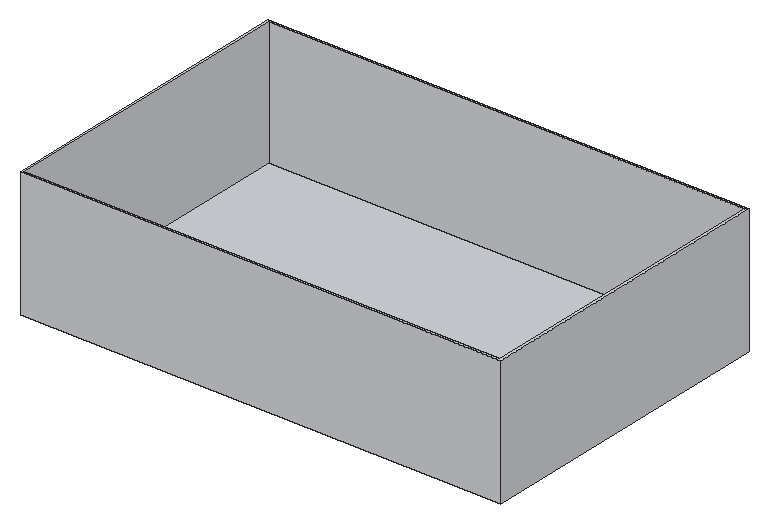
Revit family "Hager-Type B SP&N Distribution Boards-Surface_mounted-IP2XC-Without_Cover-Without_DIN-Hosted-IE-en", category Electrical Equipment, host Face, Revit 2023
Family settings
  Host = Face
  Panel Configuration = Two Columns, Circuits Across
  Round Connector Dimension = Use Diameter
  Part Type = Panelboard
  Cut with Voids When Loaded = No
  Maintain Annotation Orientation = Yes
  Shared = No
  Room Calculation Point = No
Parameters (values of type "Type B SP&N Distribution Boards-Surface_mounted_W465_H300_D124_0_Modular_Spacing-JK201SE")
  Width Control [instance] = if([HG000006-Flush mounted], if([EF000846 - Built-in width] > min_whd, [EF000846 - Built-in width], min_whd), if([EF000008 - Width] > min_whd, ([EF000008 - Width]), min_whd))  # 465 mm
  Void Depth [instance] = if([HG000006-Flush mounted], Depth Control, 1 mm)  # 1 mm
  Uniformat code = "D501001"
  Uniformat = "Low Tension Service & Dist."
  HG000131 - Functional label [instance] = ""
  HG000130 - Functional name [instance] = ""
  HG000099-Onfly Template ID = "507532"
  Type Comments = ""
  System Height [instance] = Height Control - 2 * [HG000005-Thickness]  # 446 mm
  Reference description = ""
  Reference = "Type B SP&N Distribution Boards-Surface_mounted_W465_H300_D124_0_Modular_Spacing-JK201SE"
  Object type = ""
  Name hager = "ADD_Enclosures_EC000214"
  Name BIM&CO = "Electricity"
  Name = "Type B SP&N Distribution Boards-Surface_mounted-IP2XC-Without_Cover-Without_DIN-IE"
  Model = ""
  HGEF002950-Width in number of modular spacings = 0
  HGEF000266-Number of rows = 0
  HG000060-RAL-number = "7035"
  HG000059-Operating voltage [instance] = 230 V
  HG000017-Distance between poles = 18 mm
  HG000016-Door 3D visibility = yes
  HG000015-Clearance visibility = yes
  HG000014-Door on the right = yes
  HG000013-Door on the left = not([HG000014-Door on the right])  # no
  HG000012-Door swing angle = 90.00°
  HG000011-Empty rows from bottom = no
  HG000010-Asymmetric doors = no
  HG000009-Double swing door = no
  HG000008-Number of empty rows = 0
  HG000007-Number of empty columns = 0
  HG000006-Flush mounted = no
  HG000005-Thickness = 2 mm
  HG000004-Manufacturer reference = "JK201SE"
  HG000003-Range = "Type B SP&N Distribution Boards"
  HG000002-With door or cover = no
  HG000001-Number of columns = 0
  GTIN (Global Trade Item Number) = ""
  ETIM class name = "Small distribution board"
  ETIM class code = "EC000214"
  EF015941 - Signal passing door = no
  EF015777 - Neutral terminal block = yes
  EF015776 - Earthing terminal block = yes
  EF009212 - Cover model = ""
  EF006306 - With lock = no
  EF006244 - Transparent cover/door = no
  EF005474 - Degree of protection (IP) = "IP2XC"
  EF004464 - Type of door = ""
  EF004462 - Type of closure = ""
  EF002950 - Width in number of modular spacings = 0
  EF001596 - Housing material = ""
  EF001134 - DIN-rail = no
  EF001131 - Inner depth = 0 mm
  EF001088 - Extension possible = no
  EF001062 - EMC-version = no
  EF000846 - Built-in width = 0 mm
  EF000339 - Type of covering = ""
  EF000332 - Built-in height = 0 mm
  EF000266 - Number of rows = 0
  EF000218 - Built-in depth = 0 mm
  EF000118 - With mounting plate = no
  EF000116 - RAL-number = 7035
  EF000049 - Depth = 124 mm
  EF000040 - Height = 300 mm
  EF000024 - UV resistant = no
  EF000008 - Width = 465 mm
  EF000007 - Colour = ""
  EF000003 - Mounting method = "Surface mounted"
  Creation Date = "12/17/2025 20:14:13"
  Code hager = "ADD-EC000214_EU"
  BIM&CO code = ""
  BC_VARIANT_ID = "1178628"
  BC_OBJECT_VERSION = "#1"  # constant formula
  BC_OBJECT_ID = "513824"  # constant formula
  BC_MODEL_ID = "1554204"  # constant formula
  Arrow Offset [instance] = Depth Control / 8  # 18.75 mm
  Arrow Height [instance] = Depth Control - Arrow Offset  # 131.25 mm
  Host Offset [instance] = if([HG000006-Flush mounted], 0 mm, [EF000049 - Depth])  # 124 mm
  min_whd [instance] = (2 * [HG000005-Thickness]) + 1 mm  # 5 mm
  Manufacturer = "Hager"  # constant formula
  Height Control [instance] = if([HG000006-Flush mounted], if([EF000332 - Built-in height] > min_whd, [EF000332 - Built-in height], min_whd), if([EF000040 - Height] > min_whd, ([EF000040 - Height]), min_whd))  # 300 mm
  Flush Mounted - Door Frame Width [instance] = if(([EF000040 - Height] - [EF000332 - Built-in height]) > 0 mm, if([HG000006-Flush mounted], [EF000040 - Height] - [EF000332 - Built-in height], 0 mm), 0 mm)  # 0 mm
  Depth Control [instance] = if([HG000006-Flush mounted], if([EF000218 - Built-in depth] > 0 mm, [EF000218 - Built-in depth], 1 mm), if([EF000049 - Depth] > 0 mm, ([EF000049 - Depth]), 1 mm))  # 124 mm
  Default Elevation = 0 mm
Reference planes
  plane 1 "Center (Front/Back)": y = 0
  plane 2: z = 0
  plane 3 "Center (Left/Right)": x = 0
  plane 4: z = 124
  plane 5: y = 2
  plane 6: z = 119
  plane 7: y = 150
  plane 8: y = 0
  plane 9: y = 300
  plane 10: z = 0
  plane 11: x = -232.5
  plane 12: x = 232.5
  plane 13: x = 230.5
  plane 14: x = -230.5
  plane 15: y = 298
  plane 16: z = 2
  plane 17: z = 122
  plane 18: z = -1
  plane 19: z = 122
  plane 20 "Annotation H": y = -100
  plane 21 "Annotation V": x = 532.5
Forms (mm)
  Extrusion 1, solid
    sketch origin (-583.045, 0, 1219.2) x (-1, 0, 0) y (0, 0, 1)
      loop
        line (-350.545, -1095.2) -> (-815.545, -1095.2) -> (-815.545, -1219.2) -> (-350.545, -1219.2) -> (-350.545, -1095.2)
    from 0 to 300 <- "Height Control"
  Extrusion 2, void
    sketch origin (-381.607, -4572, 124) x (0, -1, 0) y (-1, 0, 0)
      loop
        line (-4870, -151.107) -> (-4870, -612.107) -> (-4574, -612.107) -> (-4574, -151.107) -> (-4870, -151.107)
    from 0 to 122
  Extrusion 3, void
    sketch origin (0, 0, 0) x (1, 0, 0) y (0, 1, 0)
      loop
        line (-232.5, 0) -> (232.5, 0) -> (232.5, 300) -> (-232.5, 300) -> (-232.5, 0)
    from -1 to 1
  Extrusion 4, solid, detail levels coarse+medium
    sketch origin (-381.607, -4572, 124) x (-1, 0, 0) y (0, -1, 0)
      loop
        line (-151.107, -4870) -> (-151.107, -4574) -> (-612.107, -4574) -> (-612.107, -4870) -> (-151.107, -4870)
    from 0 to -2
Cuts and joins
  Extrusion 2 cuts Extrusion 1
Dimensions and locks
  plane 4 to plane 6 = 5 mm
  "Host Offset": plane 4 to host face
  "Flush Mounted - Door Frame Width": plane 1 "Center (Front/Back)" to plane 8
  "HG000005-Thickness": plane 5 to plane 8
  locked: connector elem to plane 3 "Center (Left/Right)"
  "Height Control": plane 9 to plane 8
  equal spacing: plane 9, plane 7, plane 8
  locked: connector elem to plane 7
  "Depth Control": plane 4 to plane 10
  "HG000005-Thickness": plane 11 to plane 14
  "HG000005-Thickness": plane 12 to plane 13
  equal spacing: plane 11, plane 3 "Center (Left/Right)", plane 12
  "Width Control": plane 11 to plane 12
  "Arrow Offset": nested 4 to plane 10
  "HG000005-Thickness": plane 9 to plane 15
  "HG000005-Thickness": plane 16 to plane 10
  "HG000005-Thickness": plane 4 to plane 17
  "Void Depth": plane 2 to plane 18
  "HG000005-Thickness": plane 4 to plane 19
  locked: plane 20 "Annotation H" to plane 1 "Center (Front/Back)" at 100
  locked: plane 12 to plane 21 "Annotation V" at 300
  aligned and locked: plane 2 to host face
  aligned and locked: level to host face
  aligned and locked: plane 3 "Center (Left/Right)" to nested 2
  aligned and locked: plane 4 to nested 2
  aligned and locked: nested 2 to plane 8
  aligned and locked: nested 1 to plane 6
  aligned and locked: nested 1 to plane 5
  aligned and locked: nested 4 to plane 11
  aligned and locked: nested 3 to plane 4
  aligned and locked: Extrusion 1 sketch curve to plane 12
  aligned and locked: Extrusion 1 sketch curve to plane 11
  aligned and locked: nested 3 to plane 10
  aligned and locked: plane 10 to Extrusion 1 sketch curve
  aligned and locked: Extrusion 2 sketch curve to plane 5
  aligned and locked: Extrusion 2 sketch curve to plane 15
  aligned and locked: Extrusion 2 sketch curve to plane 14
  aligned and locked: Extrusion 2 sketch curve to plane 13
  aligned and locked: plane 11 to Extrusion 3 sketch curve
  aligned and locked: plane 9 to Extrusion 3 sketch curve
  aligned and locked: Extrusion 3 sketch curve to plane 8
  aligned and locked: plane 12 to Extrusion 3 sketch curve
  aligned and locked: nested 3 to plane 12
  aligned and locked: Extrusion 3 to plane 18
  aligned and locked: Extrusion 2 to plane 16
  aligned and locked: Extrusion 1 sketch curve to plane 4
  aligned and locked: Extrusion 4 to plane 17
  aligned and locked: Extrusion 4 sketch curve to plane 15
  aligned and locked: Extrusion 4 sketch curve to plane 13
  aligned and locked: Extrusion 4 sketch curve to plane 14
  aligned and locked: Extrusion 4 sketch curve to plane 5
  aligned and locked: nested 5 to plane 21 "Annotation V"
  aligned and locked: plane 20 "Annotation H" to nested 5
Automatic sketch dimensions
  host sketch curve to host sketch curve = 1469.727 mm
  host sketch curve to host sketch curve = 1434.803 mm
Nested families
  nested 1: "Hager_Enclosure_System" at (0, 2, 119) x (1, 0, 0) z (0, 1, 0), Depth <- "HG000005-Thickness", Height <- "System Height", Border <- "HG000005-Thickness", Flush_Mounted <- "HG000006-Flush mounted", Row_Module_Multiplicator <- "HGEF002950-Width in number of modular spacings", Total_No_Empty_Rows <- "HG000008-Number of empty rows", Total_No_Rows <- "HGEF000266-Number of rows", Empty_Columns <- "HG000007-Number of empty columns", Width_Control <- "Width Control", Empty_Rows_From_Bottom <- "HG000011-Empty rows from bottom", Distance_Between_Poles <- "HG000017-Distance between poles", Rows_Count <- "HGEF000266-Number of rows", Columns_Count <- "HG000001-Number of columns", Built-in_Width <- "EF000846 - Built-in width", Width <- "EF000008 - Width", type "Hager_Enclosure_System", detail levels fine
    with Width_Control 465 mm, Width 465 mm, Total_No_Rows 0, Total_No_Empty_Rows 0, Total_No_Columns 1, System_Width 461 mm, Rows_Count 0, Rows_Column 0, Row_Module_Multiplicator 0, Panel_4 no, Panel_3 no, Panel_2 no, Panel_1 no, No_Panels_Ctrl 1, Hide_Columns yes, Height 446 mm, Flush_Mounted no, Empty_Rows_From_Bottom no, Empty_Rows_Column 0, Empty_Columns 0, Empty column 4 0, Empty column 3 0, Empty column 2 0, Empty column 1 0, Distance_Between_Poles 18 mm, Depth 2 mm, Columns_Count 0, Column_Width 461 mm, Built-in_Width 0 mm, Border 2 mm
  nested 2: "Hager_Enclosure_Door" at (0, 0, 124) x (1, 0, 0) z (0, 1, 0), Border <- "HG000005-Thickness", Door_Right <- "HG000014-Door on the right", Flush_Mounted <- "HG000006-Flush mounted", Door_Left <- "HG000013-Door on the left", 3d_Door <- "HG000016-Door 3D visibility", Angle <- "HG000012-Door swing angle", Assymetrical <- "HG000010-Asymmetric doors", Double <- "HG000009-Double swing door", Clearance <- "HG000015-Clearance visibility", Door <- "HG000002-With door or cover", Height_Ctrl <- "Height Control", Width_Ctrl <- "Width Control", BuiltIn_Depth <- "EF000218 - Built-in depth", Depth <- "EF000049 - Depth", BuiltIn_Width <- "EF000846 - Built-in width", Height <- "EF000040 - Height", BuiltIn_Height <- "EF000332 - Built-in height", Width <- "EF000008 - Width", Transparent <- "EF006244 - Transparent cover/door", type "Hager_Enclosure_Door", detail levels medium+fine
    with min_wh 5 mm, Width_Ctrl 465 mm, Width 465 mm, Transparent_Door_No_Bottom_Border no, Transparent no, Leaf_Width 458 mm, Leaf_Tolerance 1.5 mm, Leaf_Height 293 mm, Leaf_2_Width 458 mm, Leaf_2_Offset 229 mm, Leaf_1_Width 458 mm, Leaf_1_Offset 229 mm, Height_Ctrl 300 mm, Height 300 mm, Frame_Width_Ctrl 465 mm, Frame_Width 465 mm, Frame_Internal_Offset 0 mm, Frame_Height_Ctrl 300 mm, Frame_Height 300 mm, Frame_Depth_Ctrl 1 mm, Frame_Depth 0 mm, Flush_Mounted no, Double_Clearance_Ctrl no, Double no, Door_Right_Ctrl no, Door_Right yes, Door_Left_Ctrl no, Door_Left no, Door no, Depth 124 mm, Clearance_Depth 458 mm, Clearance_Ctrl yes, Clearance yes, BuiltIn_Width 0 mm, BuiltIn_Height 0 mm, BuiltIn_Depth 0 mm, Border 2 mm, Assymetrical no, Angle 90.00°, 3d_Door yes
  nested 3: "Hager_Enclosure_Symbol_Triangle" at (-232.5, 0, 0) x (1, 0, 0) z (0, -1, 0), Depth <- "Depth Control", Width <- "Width Control", type "Hager_Enclosure_Symbol_Triangle"
    with Width_Ctrl 465 mm, Width 465 mm, Depth_Ctrl 124 mm, Depth 124 mm
  nested 4: "Hager_Enclosure_Symbol_Arrow" at (-232.5, 0, 18.75) x (1, 0, 0) z (0, -1, 0), Height <- "Arrow Height", type "Hager_Enclosure_Symbol_Arrow"
    with Width_Inside 9.844 mm, Width 118.125 mm, Height_Ctrl 131.25 mm, Height 131.25 mm
  nested 5: "Hager_Annotation-HG000130" at (532.5, -100, 0) x (-1, 0, 0) z (0, 0, 1), HG000130 - Functional name <- "HG000130 - Functional name", type "Hager_Annotation-HG000130"
    with HG000130 - Functional name ""
Connectors
  electrical at (0, 150, 0)
    settings: on plane 10, index 1, voltage 0 V, apparent load 0 VA, apparent load phase1 0 VA, apparent load phase2 0 VA, apparent load phase3 0 VA, power factor 1, load classification "Other", number of poles 1, system type 30, power factor state 1, is connector primary yes, connector utility no, sub classification motor no, connector description ""
Definition of nested family "Hager_Enclosure_Door"
  Parameters (values of type "Hager_Enclosure_Door")
    min_wh [instance] = (2 * Border) + 1 mm  # 11 mm
    Width_Ctrl [instance] = 400 mm
    Width [instance] = 500 mm
    Transparent_Door_No_Bottom_Border [instance] = no
    Transparent [instance] = yes
    Leaf_Width [instance] = if((Width_Ctrl - 2 * Border - 2 * Leaf_Tolerance) > 0 mm, (Width_Ctrl - 2 * Border - 2 * Leaf_Tolerance), min_wh)  # 387 mm
    Leaf_Tolerance [instance] = 1.5 mm  # constant formula
    Leaf_Height [instance] = if((Height_Ctrl - 2 * Border - 2 * Leaf_Tolerance) > 0 mm, (Height_Ctrl - 2 * Border - 2 * Leaf_Tolerance), min_wh)  # 387 mm
    Leaf_2_Width [instance] = if(and(and(Double, Assymetrical), Door_Left), (Leaf_Width / 3) - (Leaf_Tolerance / 2), if(and(and(Double, Assymetrical), Door_Right), (Leaf_Width / 3) * 2 - (Leaf_Tolerance / 2), if(and(Double, not(Assymetrical)), (Leaf_Width / 2) - Leaf_Tolerance, Leaf_Width)))  # 387 mm
    Leaf_2_Offset [instance] = if(and(Double, Assymetrical), Leaf_2_Width / 2, if(and(Double, not(Assymetrical)), Leaf_Width / 4, Leaf_Width / 2))  # 193.5 mm
    Leaf_1_Width [instance] = if(and(and(Double, Assymetrical), Door_Right), (Leaf_Width / 3) - (Leaf_Tolerance / 2), if(and(and(Double, Assymetrical), Door_Left), (Width / 3) * 2 - (Leaf_Tolerance / 2), if(and(Double, not(Assymetrical)), (Leaf_Width / 2) - Leaf_Tolerance, Leaf_Width)))  # 387 mm
    Leaf_1_Offset [instance] = if(and(Double, Assymetrical), Leaf_1_Width / 2, if(and(Double, not(Assymetrical)), Leaf_Width / 4, Leaf_Width / 2))  # 193.5 mm
    Height_Ctrl [instance] = 400 mm
    Height [instance] = 500 mm
    Frame_Width_Ctrl [instance] = if(Frame_Width > 0 mm, Frame_Width, 1 mm)  # 1 mm
    Frame_Width [instance] = Width - BuiltIn_Width  # 0 mm
    Frame_Internal_Offset [instance] = if(Flush_Mounted, Border, 0 mm)  # 5 mm
    Frame_Height_Ctrl [instance] = if(Frame_Height > 0 mm, Frame_Height, 1 mm)  # 1 mm
    Frame_Height [instance] = Height - BuiltIn_Height  # 0 mm
    Frame_Depth_Ctrl [instance] = if(Frame_Depth > 0 mm, Frame_Depth, 1 mm)  # 1 mm
    Frame_Depth [instance] = if(Depth - BuiltIn_Depth > 0 mm, if(Flush_Mounted, Depth - BuiltIn_Depth, 0 mm), 0 mm)  # 0 mm
    Flush_Mounted [instance] = yes
    Double_Clearance_Ctrl [instance] = and(Double, Clearance)  # no
    Double [instance] = no
    Door_Right_Ctrl [instance] = and(or(Door_Right, Double), Door)  # yes
    Door_Right [instance] = yes
    Door_Left_Ctrl [instance] = and(or(Door_Left, Double), Door)  # no
    Door_Left [instance] = no
    Door [instance] = yes
    Depth [instance] = 500 mm
    Default Elevation = 1219.2 mm
    Clearance_Material = none
    Clearance_Depth [instance] = if(Leaf_1_Width > Leaf_2_Width, Leaf_1_Width, Leaf_2_Width)  # 387 mm
    Clearance_Ctrl [instance] = and(not(Double), Clearance)  # yes
    Clearance [instance] = yes
    BuiltIn_Width [instance] = 500 mm
    BuiltIn_Height [instance] = 500 mm
    BuiltIn_Depth [instance] = 500 mm
    Border [instance] = 5 mm
    Assymetrical [instance] = yes
    Angle [instance] = 30.00°
    3d_Door [instance] = yes
  Reference planes
    plane 1 "Center (Front/Back)": y = 0
    plane 2 "Bottom": z = 0
    plane 3 "Center (Left/Right)": x = 0
    plane 4: z = 400
    plane 5: x = -200
    plane 6: x = 200
    plane 7: z = 395
    plane 8: x = -195
    plane 9: z = 5
    plane 10: x = 195
    plane 11: y = 0
    plane 12: z = 6.5
    plane 13: x = -582
    plane 14: y = -387
    plane 15: x = 582
    plane 16: x = 0
    plane 17: x = 0
    plane 18: x = -193.5
    plane 19: x = 193.5
    plane 20: z = 393.5
  Forms (mm)
    Extrusion 1, solid, visible <- "Flush_Mounted"
      sketch origin (0, 0, 0) x (1, 0, 0) y (0, 0, 1)
        loop
          line (195, 5) -> (195, 395) -> (-195, 395) -> (-195, 5) -> (195, 5)
        loop
          line (-201, 401) -> (-201, -1) -> (201, -1) -> (201, 401) -> (-201, 401)
      from 0 to 1 <- "Frame_Depth_Ctrl"
    Extrusion 2, solid, material <- "Clearance_Material", visible <- "Double_Clearance_Ctrl"
      sketch origin (1200, 0, 0) x (1, 0, 0) y (0, 0, -1)
        loop
          line (-1782, -393.5) -> (-618, -393.5) -> (-618, 0) -> (-1782, 0) -> (-1782, -393.5)
      from 0 to -387
  Dimensions and locks
    equal spacing: plane 5, plane 3 "Center (Left/Right)", plane 6
    "Width_Ctrl": plane 5 to plane 6
    "Border": plane 5 to plane 8
    "Border": plane 6 to plane 10
    "Border": plane 9 to level
    "Border": plane 4 to plane 7
    "Height_Ctrl": plane 4 to level
    "Leaf_Tolerance": plane 12 to plane 9
    "Frame_Depth": plane 11 to plane 1 "Center (Front/Back)"
    "Frame_Width_Ctrl": plane 5 to Extrusion 1 sketch curve
    "Frame_Width_Ctrl": plane 6 to Extrusion 1 sketch curve
    "Frame_Width_Ctrl": Extrusion 1 sketch curve to plane 4
    "Frame_Width_Ctrl": plane 2 "Bottom" to Extrusion 1 sketch curve
    "Leaf_1_Offset": plane 18 to plane 16
    "Leaf_2_Offset": plane 17 to plane 19
    "Leaf_1_Width": plane 13 to plane 8
    "Leaf_2_Width": plane 10 to plane 15
    "Clearance_Depth": plane 14 to plane 1 "Center (Front/Back)"
    "Leaf_Tolerance": plane 8 to plane 18
    "Leaf_Tolerance": plane 19 to plane 10
    "Leaf_Tolerance": plane 7 to plane 20
    "Frame_Internal_Offset": plane 5 to Extrusion 1 sketch curve
    "Frame_Internal_Offset": Extrusion 1 sketch curve to plane 2 "Bottom"
    "Frame_Internal_Offset": plane 6 to Extrusion 1 sketch curve
    "Frame_Internal_Offset": plane 4 to Extrusion 1 sketch curve
    aligned and locked: level to plane 2 "Bottom"
    aligned and locked: nested 1 to plane 16
    aligned and locked: nested 2 to plane 17
    aligned and locked: Extrusion 2 to plane 13
    aligned and locked: plane 15 to Extrusion 2
    aligned and locked: Extrusion 2 to plane 14
    aligned and locked: plane 12 to nested 1
    aligned and locked: nested 2 to plane 12
    aligned and locked: Extrusion 2 to plane 11
    aligned and locked: plane 20 to Extrusion 2
    aligned and locked: nested 2 to plane 11
    aligned and locked: nested 1 to plane 11
  Automatic sketch dimensions
    Extrusion 2 sketch curve to level = 0 mm
    plane 5 to Extrusion 2 sketch curve = 382 mm
    plane 6 to Extrusion 2 sketch curve = 382 mm
    Extrusion 2 sketch curve to plane 4 = 6.5 mm
  Nested families
    nested 1: "Hager_Enclosure_Door_Leaf" at (0, 0, 6.5), Width <- "Leaf_1_Width", visible <- "Door_Left_Ctrl", Leaf_Height <- "Leaf_Height", Angle <- "Angle", Depth <- "Border", 3d_Door <- "3d_Door", Transparent <- "Transparent", Clearance Material <- "Clearance_Material", Clearance <- "Clearance_Ctrl", Transparent_Door_No_Bottom_Border <- "Transparent_Door_No_Bottom_Border", type "Hager_Enclosure_Door_Leaf"
      with Width 387 mm, Transparent_Door_No_Bottom_Border no, Transparent_Door_Border_Bottom_Top 25 mm, Transparent_Door_Border 25 mm, Transparent_Ctrl yes, Transparent yes, Standard no, Leaf_Height 387 mm, Glass_Offset 1 mm, Depth 5 mm, Clearance Material none, Clearance yes, Angle_Ctrl 30.00°, Angle 30.00°, 3d_Door yes
    nested 2: "Hager_Enclosure_Door_Leaf" at (0, 0, 6.5) x (-1, 0, 0) z (0, 0, 1), Width <- "Leaf_2_Width", visible <- "Door_Right_Ctrl", Leaf_Height <- "Leaf_Height", Angle <- "Angle", Depth <- "Border", 3d_Door <- "3d_Door", Transparent <- "Transparent", Clearance Material <- "Clearance_Material", Clearance <- "Clearance_Ctrl", Transparent_Door_No_Bottom_Border <- "Transparent_Door_No_Bottom_Border", type "Hager_Enclosure_Door_Leaf"
      with Width 387 mm, Transparent_Door_No_Bottom_Border no, Transparent_Door_Border_Bottom_Top 25 mm, Transparent_Door_Border 25 mm, Transparent_Ctrl yes, Transparent yes, Standard no, Leaf_Height 387 mm, Glass_Offset 1 mm, Depth 5 mm, Clearance Material none, Clearance yes, Angle_Ctrl 30.00°, Angle 30.00°, 3d_Door yes
  Definition of nested family "Hager_Enclosure_Door_Leaf"
    Parameters (values of type "Hager_Enclosure_Door_Leaf")
      Width [instance] = 2000 mm
      Transparent_Door_No_Bottom_Border [instance] = yes
      Transparent_Door_Border_Bottom_Top [instance] = if(Transparent_Door_No_Bottom_Border, 0.1 mm, Transparent_Door_Border)  # 0.1 mm
      Transparent_Door_Border [instance] = if(Transparent_Door_No_Bottom_Border, (Width * 0.12), 25 mm)  # 240 mm
      Transparent_Ctrl [instance] = and(Transparent, [3d_Door])  # yes
      Transparent [instance] = yes
      Standard [instance] = and(not(Transparent), [3d_Door])  # no
      Leaf_Height [instance] = 2720.336 mm
      Glass_Offset [instance] = if((Depth - 10 mm) / 2 > 0 mm, (Depth - 10 mm) / 2, 1 mm)  # 15 mm
      Glass_Material = none
      Depth [instance] = 40 mm
      Default Elevation = 0 mm
      Clearance Material [instance] = none
      Clearance [instance] = yes
      Angle_Ctrl [instance] = if(Angle > 170.00°, 170.00°, Angle)  # 45.00°
      Angle [instance] = 45.00°
      3d_Door [instance] = yes
    Reference planes
      plane 1 "Center (Front/Back)": y = 0
      plane 2: z = 0
      plane 3 "Center (Left/Right)": x = 0
      plane 4: y = 2000
      plane 5: x = -1000
      plane 6: x = 1000
      plane 7: x = -3000
      plane 8: z = 2720.336
      plane 9: z = 0.1
      plane 10: z = 2720.236
      plane 11: x = 760
      plane 12: x = -760
    Forms (mm)
      Extrusion 1, solid, material <- "Clearance Material", visible <- "Clearance"
        sketch origin (0, 0, 0) x (1, 0, 0) y (0, 0, 1)
          loop
            line (-3000, 2720.336) -> (-3000, 0) -> (1000, 0) -> (1000, 2720.336) -> (-3000, 2720.336)
        from 0 to -2000
      Extrusion 2, solid, visible <- "Standard", detail levels medium+fine
        sketch origin (-1000, 0, 0) x (0.707107, 0.707107, 0) y (-0.707107, 0.707107, 0)
          loop
            line (0, -40) -> (2000, -40) -> (2000, 0) -> (0, 0) -> (0, -40)
        from 0 to 2720.336 <- "Leaf_Height"
      Extrusion 3, solid, visible <- "Transparent_Ctrl", detail levels medium+fine
        sketch origin (-1000, 0, 0) x (0.707107, 0.707107, 0) y (-0.707107, 0.707107, 0)
          loop
            line (0, -40) -> (2000, -40) -> (2000, 0) -> (0, 0) -> (0, -40)
        from 0 to 2720.336 <- "Leaf_Height"
      Extrusion 4, void, detail levels medium+fine
        sketch origin (-1000, 0, 0) x (-0.707107, 0.707107, 0) y (0.707107, 0.707107, 0)
          loop
            line (0, 240) -> (0, 1760) -> (-40, 1760) -> (-40, 240) -> (0, 240)
        from -2720.236 to -0.1
      Extrusion 5, solid, material <- "Glass_Material", visible <- "Transparent_Ctrl", detail levels medium+fine
        sketch origin (-1000, 0, 0) x (0.707107, 0.707107, 0) y (-0.707107, 0.707107, 0)
          loop
            line (240, -15) -> (240, -25) -> (1760, -25) -> (1760, -15) -> (240, -15)
        from 0.1 to 2720.236
    Cuts and joins
      Extrusion 4 cuts Extrusion 3
    Lines and regions (mm)
      symbolic lines
        curve 1: line (1000, 0, 0) -> (-3000, 0, 0)
        curve 2: arc (1000, 0, 0) -> (-1000, 2000, 0) -> (-3000, 0, 0) r 2000
        curve 4: line (-1000, 0, 0) -> (414.214, 1414.214, 0)
      reference lines
        curve 3: line (-1000, 0, 0) -> (414.214, 1414.214, 0)
      symbolic lines, detail levels medium+fine
        curve 5: line (414.214, 1414.214, 0) -> (442.498, 1385.929, 0)
        curve 6: line (442.498, 1385.929, 0) -> (-971.716, -28.284, 0)
        curve 7: line (-971.716, -28.284, 0) -> (-1000, 0, 0)
        curve 8: line (-1000, 0, 2720.336) -> (1000, 0, 2720.336)
        curve 9: line (-1000, 0, 0) -> (-1000, 0, 2720.336)
        curve 10: line (1000, 0, 0) -> (-1000, 0, 0)
        curve 11: line (1000, 0, 2720.336) -> (1000, 0, 0)
      symbolic lines, visible <- "Transparent_Ctrl", detail levels medium+fine
        curve 12: line (-760, 0, 2720.236) -> (760, 0, 2720.236)
        curve 13: line (-760, 0, 0.1) -> (-760, 0, 2720.236)
        curve 14: line (760, 0, 0.1) -> (-760, 0, 0.1)
        curve 15: line (760, 0, 2720.236) -> (760, 0, 0.1)
    Dimensions and locks
      "Width": plane 1 "Center (Front/Back)" to plane 4
      equal spacing: plane 5, plane 3 "Center (Left/Right)", plane 6
      "Width": plane 5 to plane 6
      "Width": plane 7 to plane 5
      "Leaf_Height": plane 8 to level
      "Depth": curve 6 to curve 3
      "Width": curve 5 to curve 3
      "Width": curve 3 to curve 3
      "Transparent_Door_Border": Extrusion 4 sketch curve to curve 7
      "Transparent_Door_Border": Extrusion 4 sketch curve to curve 5
      "Transparent_Door_Border_Bottom_Top": plane 8 to plane 10
      "Transparent_Door_Border_Bottom_Top": plane 9 to level
      "Glass_Offset": Extrusion 5 sketch curve to curve 4
      "Glass_Offset": Extrusion 5 sketch curve to curve 6
      "Transparent_Door_Border": Extrusion 5 sketch curve to curve 5
      "Transparent_Door_Border": Extrusion 5 sketch curve to curve 7
      "Transparent_Door_Border": plane 12 to plane 5
      "Transparent_Door_Border": plane 6 to plane 11
      "Angle_Ctrl": angle plane 1 "Center (Front/Back)" to curve 3
      aligned and locked: level to plane 2
      aligned and locked: Extrusion 1 to curve 1
      aligned and locked: plane 6 to Extrusion 1
      aligned and locked: Extrusion 1 to plane 1 "Center (Front/Back)"
      aligned and locked: plane 4 to Extrusion 1
      aligned and locked: plane 8 to Extrusion 1
      aligned and locked: curve 4 to curve 3
      aligned and locked: Extrusion 2 sketch curve to curve 7
      aligned and locked: Extrusion 2 sketch curve to curve 6
      aligned and locked: Extrusion 2 sketch curve to curve 5
      aligned and locked: Extrusion 2 sketch curve to curve 3
      aligned and locked: curve 7 to Extrusion 3 sketch curve
      aligned and locked: Extrusion 3 sketch curve to curve 4
      aligned and locked: Extrusion 3 sketch curve to curve 6
      aligned and locked: Extrusion 3 sketch curve to curve 5
      aligned and locked: curve 4 to Extrusion 4 sketch curve
      aligned and locked: curve 6 to Extrusion 4 sketch curve
      aligned and locked: Extrusion 4 to plane 9
      aligned and locked: Extrusion 4 to plane 10
      aligned and locked: Extrusion 5 to plane 9
      aligned and locked: Extrusion 5 to plane 10
      aligned and locked: curve 8 to plane 8
      aligned and locked: plane 5 to curve 9
      aligned and locked: plane 2 to curve 10
      aligned and locked: curve 11 to plane 6
      aligned and locked: plane 10 to curve 12
      aligned and locked: plane 12 to curve 13
      aligned and locked: curve 14 to plane 9
      aligned and locked: plane 11 to curve 15
    Automatic sketch dimensions
      plane 1 "Center (Front/Back)" to curve 2 = 0 mm
      curve 2 to plane 5 = 0 mm
      Extrusion 1 sketch curve to level = 0 mm
      Extrusion 1 sketch curve to plane 7 = 0 mm
      Extrusion 1 sketch curve to plane 6 = 0 mm
      Extrusion 1 sketch curve to plane 8 = 0 mm
      plane 1 "Center (Front/Back)" to curve 3 = 0 mm
      curve 3 to plane 5 = 0 mm
      curve 7 to curve 3 = 0 mm
Definition of nested family "Hager_Enclosure_Symbol_Triangle"
  Parameters (values of type "Hager_Enclosure_Symbol_Triangle")
    Width_Ctrl [instance] = if(Width > 1 mm, Width, 1 mm)  # 498 mm
    Width [instance] = 498 mm
    Depth_Ctrl [instance] = if(Depth > 1 mm, Depth, 1 mm)  # 72 mm
    Depth [instance] = 72 mm
  Reference planes
    plane 1 "Centre (avant/arrière)": y = 0
    plane 2: z = 0
    plane 3 "Centre (gauche/droite)": x = 0
  Lines and regions (mm)
    Filled region 1, type "Solid_Black", in view "Niveau de réf."
      outline origin (0, 0, 0) x (1, 0, 0) y (0, 1, 0)
        loop
          line (0, 0) -> (498, 0) -> (498, 72) -> (0, 0)
    reference lines, in view "Niveau de réf."
      curve 1: line (-206.153, 72, 0) -> (1083.258, 72, 0)
      curve 2: line (498, 405.456, 0) -> (498, -517.619, 0)
  Dimensions and locks
    "Depth_Ctrl": plane 1 "Centre (avant/arrière)" to curve 1
    "Width_Ctrl": plane 3 "Centre (gauche/droite)" to curve 2
    aligned and locked: curve 1 to Filled region 1 sketch curve
    aligned and locked: Filled region 1 sketch curve to plane 1 "Centre (avant/arrière)"
    aligned and locked: curve 2 to Filled region 1 sketch curve
    aligned and locked: plane 3 "Centre (gauche/droite)" to Filled region 1 sketch curve
    aligned and locked: plane 1 "Centre (avant/arrière)" to Filled region 1 sketch curve
  Automatic sketch dimensions
    curve 1 to plane 3 "Centre (gauche/droite)" = 206.153 mm
    curve 2 to curve 1 = 585.258 mm
    plane 1 "Centre (avant/arrière)" to curve 2 = 517.619 mm
    curve 2 to plane 1 "Centre (avant/arrière)" = 405.456 mm
Definition of nested family "Hager_Enclosure_Symbol_Arrow"
  Parameters (values of type "Hager_Enclosure_Symbol_Arrow")
    Width_Inside [instance] = if(Width / 12 > 2 mm, Width / 12, 2 mm)  # 4.987 mm
    Width [instance] = if(Height_Ctrl * 0.9 > 2 mm, Height_Ctrl * 0.9, 2 mm)  # 59.85 mm
    Height_Ctrl [instance] = if(Height > 2 mm, Height, 2 mm)  # 66.5 mm
    Height [instance] = 66.5 mm
  Reference planes
    plane 1 "Centre (avant/arrière)": y = 0
    plane 2: z = 0
    plane 3 "Centre (gauche/droite)": x = 0
    plane 4: x = 59.85
    plane 5: y = 28.263
    plane 6: y = 38.238
    plane 7: y = 66.5
    plane 8: x = 29.925
    plane 9: y = 33.25
  Lines and regions (mm)
    Filled region 1, type "Solid_Black", in view "Niveau de réf."
      outline origin (0, 0, 0) x (1, 0, 0) y (0, 1, 0)
        loop
          line (59.85, 66.5) -> (37.929, 52.827) -> (51.846, 41.935) -> (59.85, 66.5)
    detail lines, in view "Niveau de réf."
      curve 1: line (0, 0, 0) -> (29.925, 38.238, 0)
      curve 2: line (29.925, 38.238, 0) -> (29.925, 28.263, 0)
      curve 3: line (29.925, 28.263, 0) -> (59.85, 66.5, 0)
  Dimensions and locks
    "Width": plane 3 "Centre (gauche/droite)" to plane 4
    "Height_Ctrl": plane 7 to plane 1 "Centre (avant/arrière)"
    equal spacing: plane 3 "Centre (gauche/droite)", plane 8, plane 4
    equal spacing: plane 7, plane 9, plane 1 "Centre (avant/arrière)"
    equal spacing: plane 6, plane 9, plane 5
    "Width_Inside": plane 6 to plane 9
    equal spacing: curve 3, Filled region 1 sketch curve, Filled region 1 sketch curve
    angle Filled region 1 sketch curve to curve 3 = 20.00°
    angle curve 3 to Filled region 1 sketch curve = 20.00°
    locked: curve 3 to Filled region 1 sketch curve (angle 90.00°)
  Automatic sketch dimensions
    plane 1 "Centre (avant/arrière)" to curve 1 = 0 mm
    curve 1 to plane 3 "Centre (gauche/droite)" = 0 mm
    curve 2 to plane 6 = 0 mm
    curve 3 to plane 8 = 0 mm
    curve 3 to plane 4 = 0 mm
    curve 2 to plane 5 = 0 mm
    curve 3 to plane 7 = 0 mm
    Filled region 1 sketch curve to plane 4 = 0 mm
    Filled region 1 sketch curve to plane 7 = 0 mm
Definition of nested family "Hager_Annotation-HG000130"
  Parameters (values of type "Hager_Annotation-HG000130")
    HG000130 - Functional name [instance] = ""
  Reference planes
    plane 1: y = 0
    plane 2: x = 0
  Lines and regions (mm)
    detail lines
      curve 1: line (-27.5, 10, 0) -> (27.5, 10, 0)
      curve 2: line (-27.5, -10, 0) -> (-27.5, 10, 0)
      curve 3: line (27.5, -10, 0) -> (-27.5, -10, 0)
      curve 4: line (27.5, 10, 0) -> (27.5, -10, 0)
  Text (mm)
    label "HG000130 - Functional name" at (0.16, 0.026, 0), shows "HG000130 - Functional name"
